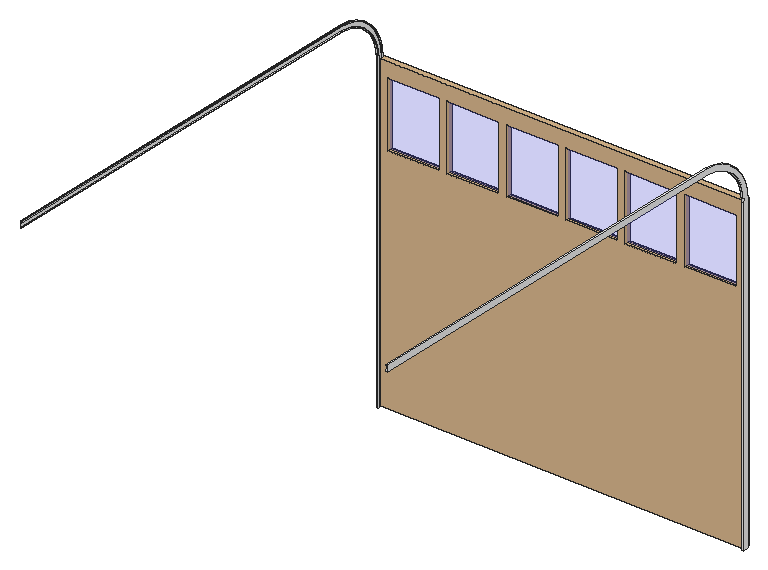
Revit family
Parameters (values of type "7Ft H x 8Ft W")
  Track Width = Width + 0' 2"  # 8' - 2"
  Track Height = Height + 1' 0"  # 8' - 0"
  Track Depth = 10' - 0"
  Track = Metal
  SmartBIM Object Version = 1  # constant formula
  SmartBIM Object Created By = "Reed Construction Data"  # constant formula
  Rough Width = 0' - 0"
  Rough Height = 0' - 0"
  Panel Thickness = 0' - 1 1/2"
  Manufacturer = ""
  Height = 7' - 0"
  Wall Closure = (empty or 0)
  Width = 8' - 0"
  Door Glass = Glass
  Door = Wood
  95 CSI = "08360"  # constant formula
  04 CSI = "08 36 13"  # constant formula
Types (3): name | Track Width | Width
  (no name) | 8' - 2" | 8' - 0"
  7Ft H x 8Ft W | 8' - 2" | 8' - 0"
  7Ft H x 16Ft W | 16' - 2" | 16' - 0"
Reference planes (in)
  plane 1 "Center (Front/Back)": y = 0
  plane 2 "Center (Left/Right)": x = 0
  plane 3 "Left": x = -48
  plane 4 "Right": x = 48
  plane 5 "Top": z = 84
  plane 6: x = -49
  plane 7: x = 49
  plane 8: y = -3.25
  plane 9: z = 81
  plane 10: y = -3.5
  plane 11: y = -3.5
  plane 12 "Ext": y = -4.25
  plane 13: y = -3.5
  plane 14 "Int": y = -2.75
  plane 15: z = 3
  plane 16: y = -3.5
  plane 17: z = 61.5
  plane 18: x = 32
  plane 19: x = 16
  plane 20: x = -32
  plane 21: x = -16
  plane 22: z = 80
  plane 23: x = 33
  plane 24: x = 47
  plane 25: z = 62.5
  plane 26: x = 31
  plane 27: x = 17
  plane 28: x = 15
  plane 29: x = 1
  plane 30: x = -1
  plane 31: x = -15
  plane 32: x = -17
  plane 33: x = -31
  plane 34: x = -33
  plane 35: x = -47
  plane 36: z = 57.5
Forms (in)
  Extrusion 1, solid, material "Wood" <- "Door"
    sketch origin (0, 0, 0) x (1, 0, 0) y (0, 0, 1)
      loop
        line (-49, 84) -> (-49, 0) -> (49, 0) -> (49, 84) -> (-49, 84)
      loop
        line (47, 80) -> (33, 80) -> (33, 62.5) -> (47, 62.5) -> (47, 80)
      loop
        line (31, 62.5) -> (31, 80) -> (17, 80) -> (17, 62.5) -> (31, 62.5)
      loop
        line (15, 62.5) -> (15, 80) -> (1, 80) -> (1, 62.5) -> (15, 62.5)
      loop
        line (-1, 62.5) -> (-1, 80) -> (-15, 80) -> (-15, 62.5) -> (-1, 62.5)
      loop
        line (-17, 62.5) -> (-17, 80) -> (-31, 80) -> (-31, 62.5) -> (-17, 62.5)
      loop
        line (-33, 62.5) -> (-33, 80) -> (-47, 80) -> (-47, 62.5) -> (-33, 62.5)
    from 2.75 to 4.25
  Extrusion 2, solid, material "Glass" <- "Door Glass"
    sketch origin (0, -3.25, 0) x (1, 0, 0) y (0, 0, 1)
      loop
        line (47, 80) -> (33, 80) -> (33, 62.5) -> (47, 62.5) -> (47, 80)
      loop
        line (31, 80) -> (17, 80) -> (17, 62.5) -> (31, 62.5) -> (31, 80)
      loop
        line (15, 80) -> (1, 80) -> (1, 62.5) -> (15, 62.5) -> (15, 80)
      loop
        line (-1, 80) -> (-15, 80) -> (-15, 62.5) -> (-1, 62.5) -> (-1, 80)
      loop
        line (-17, 80) -> (-31, 80) -> (-31, 62.5) -> (-17, 62.5) -> (-17, 80)
      loop
        line (-33, 80) -> (-47, 80) -> (-47, 62.5) -> (-33, 62.5) -> (-33, 80)
    from 0 to 0.5
Lines and regions (in)
  Opening 1
    outline origin (-90, -2.75, 0) x (1, 0, 0) y (0, 0, 1)
      loop
        line (42, 0) -> (138, 0) -> (138, 84) -> (42, 84) -> (42, 0)
  model lines
    curve 1: line (47, -4.25, 57.5) -> (1, -4.25, 57.5)
    curve 2: line (47, -4.25, 3) -> (47, -4.25, 57.5)
    curve 3: line (1, -4.25, 3) -> (47, -4.25, 3)
    curve 4: line (1, -4.25, 57.5) -> (1, -4.25, 3)
    curve 5: line (-1, -4.25, 3) -> (-47, -4.25, 3)
    curve 6: line (-1, -4.25, 57.5) -> (-1, -4.25, 3)
    curve 7: line (-47, -4.25, 57.5) -> (-1, -4.25, 57.5)
    curve 8: line (-47, -4.25, 3) -> (-47, -4.25, 57.5)
    curve 11: line (-1, -4.25, 4.55039) -> (-45.69141, -4.25, 57.5)
    curve 12: line (-2.30859, -4.25, 3) -> (-47, -4.25, 55.94961)
    curve 13: line (45.69141, -4.25, 57.5) -> (1, -4.25, 4.55039)
    curve 14: line (47, -4.25, 55.94961) -> (2.30859, -4.25, 3)
    curve 15: line (45.69141, -2.75, 57.5) -> (1, -2.75, 4.55039)
    curve 16: line (47, -2.75, 55.94961) -> (2.30859, -2.75, 3)
    curve 17: line (-1, -2.75, 4.55039) -> (-45.69141, -2.75, 57.5)
    curve 18: line (-2.30859, -2.75, 3) -> (-47, -2.75, 55.94961)
    curve 19: line (-1, -2.75, 57.5) -> (-1, -2.75, 3)
    curve 20: line (-1, -2.75, 3) -> (-47, -2.75, 3)
    curve 21: line (-47, -2.75, 3) -> (-47, -2.75, 57.5)
    curve 22: line (-47, -2.75, 57.5) -> (-1, -2.75, 57.5)
    curve 23: line (47, -2.75, 57.5) -> (1, -2.75, 57.5)
    curve 24: line (1, -2.75, 57.5) -> (1, -2.75, 3)
    curve 25: line (1, -2.75, 3) -> (47, -2.75, 3)
    curve 26: line (47, -2.75, 3) -> (47, -2.75, 57.5)
  reference lines
    curve 9: line (-1, -4.25, 3) -> (-47, -4.25, 57.5)
    curve 10: line (47, -4.25, 57.5) -> (1, -4.25, 3)
Text (in)
  text "Exterior" at (-74.96733, 27.31104, 0), in view "Ref. Level"
  text "Interior" at (-76.69036, -30.31274, 0), in view "Ref. Level"
  text "Exterior" at (0, 40.15149, 123.01588), in view "Right"
  text "Interior" at (0, -64.39139, 123.01588), in view "Right"
  text "Interior" at (0, -31.01599, 123.00693), in view "Left"
  text "Exterior" at (0, 54.57065, 123.00693), in view "Left"
Dimensions and locks (in)
  equal spacing: plane 3 "Left", plane 2 "Center (Left/Right)", plane 4 "Right"
  "Width": plane 3 "Left" to plane 4 "Right"
  locked: plane 6 to plane 3 "Left" at 1
  locked: plane 4 "Right" to plane 7 at 1
  plane 9 to plane 5 "Top" = 0' - 3"
  host wall to plane 8 to plane 10 = 0' - 0 1/2", 0' - 0 1/4"
  equal spacing: plane 12 "Ext", plane 13, plane 14 "Int"
  "Panel Thickness": plane 14 "Int" to plane 12 "Ext"
  plane 5 "Top" to plane 9 = 0' - 3"
  equal spacing: plane 7, plane 2 "Center (Left/Right)", plane 6
  locked: plane 15 to level at 3
  "Height": plane 5 "Top" to level
  locked: plane 17 to plane 9 at 19.5
  equal spacing: plane 2 "Center (Left/Right)", plane 19, plane 18, plane 4 "Right"
  equal spacing: plane 2 "Center (Left/Right)", plane 21, plane 20, plane 3 "Left"
  locked: plane 24 to plane 4 "Right" at 1
  locked: plane 23 to plane 18 at 1
  locked: plane 18 to plane 26 at 1
  locked: plane 27 to plane 19 at 1
  locked: plane 19 to plane 28 at 1
  locked: plane 29 to plane 2 "Center (Left/Right)" at 1
  locked: plane 2 "Center (Left/Right)" to plane 30 at 1
  locked: plane 21 to plane 31 at 1
  locked: plane 32 to plane 21 at 1
  locked: plane 20 to plane 33 at 1
  locked: plane 34 to plane 20 at 1
  locked: plane 3 "Left" to plane 35 at 1
  locked: plane 22 to plane 9 at 1
  locked: plane 17 to plane 25 at 1
  locked: Extrusion 2 to Extrusion 2 at 0.5
  locked: Extrusion 2 to plane 14 "Int" at 0.5
  locked: plane 36 to plane 17 at 4
  level to plane 15 = 0' - 3"
  locked: curve 11 to curve 9 at 1
  locked: curve 9 to curve 12 at 1
  locked: curve 13 to curve 10 at 1
  locked: curve 10 to curve 14 at 1
  aligned and locked: plane 3 "Left" to Opening 1 sketch curve
  aligned and locked: plane 5 "Top" to Opening 1 sketch curve  (x2)
  aligned and locked: Opening 1 sketch curve to plane 4 "Right"
  aligned and locked: Opening 1 sketch curve to level
  aligned and locked: Extrusion 1 sketch curve to plane 6
  aligned and locked: Extrusion 1 sketch curve to plane 7
  aligned and locked: Extrusion 1 sketch curve to level
  aligned and locked: Extrusion 1 sketch curve to host wall
  aligned and locked: plane 10 to plane 11
  aligned and locked: host wall to plane 14 "Int"
  aligned and locked: plane 11 to plane 13
  aligned and locked: plane 12 "Ext" to Extrusion 1
  aligned and locked: Extrusion 1 to host wall
  aligned and locked: plane 16 to plane 13
  aligned and locked: plane 24 to Extrusion 1 sketch curve
  aligned and locked: plane 22 to Extrusion 1 sketch curve  (x6)
  aligned and locked: plane 25 to Extrusion 1 sketch curve  (x6)
  aligned and locked: Extrusion 1 sketch curve to plane 23
  aligned and locked: plane 26 to Extrusion 1 sketch curve
  aligned and locked: plane 27 to Extrusion 1 sketch curve
  aligned and locked: plane 28 to Extrusion 1 sketch curve
  aligned and locked: plane 29 to Extrusion 1 sketch curve
  aligned and locked: plane 30 to Extrusion 1 sketch curve
  aligned and locked: plane 31 to Extrusion 1 sketch curve
  aligned and locked: plane 32 to Extrusion 1 sketch curve
  aligned and locked: plane 33 to Extrusion 1 sketch curve
  aligned and locked: plane 34 to Extrusion 1 sketch curve
  aligned and locked: Extrusion 1 sketch curve to plane 35
  aligned and locked: plane 36 to curve 1
  aligned and locked: plane 15 to curve 4
  aligned and locked: curve 5 to plane 15
  aligned and locked: plane 36 to curve 8
  aligned and locked: curve 4 to curve 10
  aligned and locked: curve 6 to curve 11
  aligned and locked: curve 5 to curve 12
  aligned and locked: curve 3 to curve 14
  aligned and locked: curve 4 to curve 13
  aligned and locked: curve 7 to curve 11
  aligned and locked: curve 8 to curve 12
  aligned and locked: curve 1 to curve 13
  aligned and locked: curve 2 to curve 14
  aligned and locked: curve 15 to curve 13
  aligned and locked: curve 16 to curve 14
  aligned and locked: curve 17 to curve 11
  aligned and locked: curve 18 to curve 12
  aligned and locked: curve 19 to curve 6
  aligned and locked: curve 20 to curve 5
  aligned and locked: curve 21 to curve 8
  aligned and locked: curve 22 to curve 7
  aligned and locked: curve 23 to curve 1
  aligned and locked: curve 24 to curve 4
  aligned and locked: curve 25 to curve 3
  aligned and locked: curve 26 to curve 2
  aligned and locked: nested 1 to plane 2 "Center (Left/Right)"
  aligned and locked: plane 13 to nested 1
Automatic sketch dimensions
  Extrusion 2 sketch curve to plane 22 = 0' - 0"  (x6)
  Extrusion 2 sketch curve to plane 35 = 0' - 0"
  Extrusion 2 sketch curve to plane 25 = 0' - 0"  (x6)
  Extrusion 2 sketch curve to plane 34 = 0' - 0"
  Extrusion 2 sketch curve to plane 33 = 0' - 0"
  Extrusion 2 sketch curve to plane 32 = 0' - 0"
  Extrusion 2 sketch curve to plane 31 = 0' - 0"
  Extrusion 2 sketch curve to plane 30 = 0' - 0"
  Extrusion 2 sketch curve to plane 29 = 0' - 0"
  Extrusion 2 sketch curve to plane 28 = 0' - 0"
  Extrusion 2 sketch curve to plane 27 = 0' - 0"
  Extrusion 2 sketch curve to plane 26 = 0' - 0"
  Extrusion 2 sketch curve to plane 23 = 0' - 0"
  Extrusion 2 sketch curve to plane 24 = 0' - 0"
  curve 9 to plane 35 = 0' - 0"
  curve 9 to plane 15 = 0' - 0"
  curve 9 to plane 30 = 0' - 0"
  curve 10 to plane 15 = 0' - 0"
  curve 10 to plane 29 = 0' - 0"
  curve 10 to plane 24 = 0' - 0"
  curve 10 to plane 36 = 0' - 0"
  curve 9 to plane 36 = 0' - 0"
  curve 2 to plane 24 = 0' - 0"
  curve 7 to plane 35 = 0' - 0"
  curve 6 to plane 30 = 0' - 0"
Nested families (in)
  nested 1: "Door Track" at (-0.5, -65, 0), Width <- "Track Width", Height <- "Track Height", Depth <- "Track Depth", type "Door Track"
    with Width 8' - 2", Height 8' - 0", Depth 10' - 0"
Definition of nested family "Door Track"
  Parameters
    Width [instance] = 10' - 0"
    Track = Metal
    Height [instance] = 11' - 0"
    Depth [instance] = 8' - 0"
  Reference planes (in)
    plane 1 "Center (Front/Back)": y = 0
    plane 2: z = 0
    plane 3 "Center (Left/Right)": x = 0.5
    plane 4 "Back": y = 48
    plane 5 "Front": y = -48
    plane 6 "Left": x = -59.5
    plane 7 "Right": x = 60.5
    plane 8 "Top": z = 132
    plane 9 "Center (Up/Down)": z = 66
    plane 10: y = 48.75
    plane 11: y = 49.5
  Forms (in)
    Sweep 1, solid, material "Metal" <- "Track"
      path origin (60.5, 60, 48) x (0, 1, 0) y (0, 0, 1)
        loop
          line (-12, -48) -> (-12, 72)
          arc (-12, 72) -> (-15.51472, 80.48528) -> (-24, 84) r 12
          line (-24, 84) -> (-108, 84)
      profile origin (60.5, -6, 132) x (0, 0, -1) y (1, 0, 0)
        loop
          line (-1.5, 0) -> (-1.375, 0) -> (-1.375, 0.375) -> (-0.125, 0.375) -> (-0.125, 0) -> (0, 0) -> (0, 0.5) -> (-1.5, 0.5) -> (-1.5, 0)
    Sweep 2, solid, material "Metal" <- "Track"
      path origin (-59.5, 60, 48) x (0, 1, 0) y (0, 0, 1)
        loop
          line (-12, -48) -> (-12, 72)
          arc (-12, 72) -> (-15.51472, 80.48528) -> (-24, 84) r 12
          line (-24, 84) -> (-108, 84)
      profile origin (-59.5, -6, 132) x (0, 0, -1) y (1, 0, 0)
        loop
          line (-1.5, 0) -> (-1.5, -0.5) -> (0, -0.5) -> (0, 0) -> (-0.125, 0) -> (-0.125, -0.375) -> (-1.375, -0.375) -> (-1.375, 0) -> (-1.5, 0)
  Dimensions and locks (in)
    equal spacing: plane 6 "Left", plane 3 "Center (Left/Right)", plane 7 "Right"
    "Width": plane 6 "Left" to plane 7 "Right"
    equal spacing: plane 4 "Back", plane 1 "Center (Front/Back)", plane 5 "Front"
    "Depth": plane 4 "Back" to plane 5 "Front"
    "Height": plane 8 "Top" to plane 2
    equal spacing: plane 8 "Top", plane 9 "Center (Up/Down)", level
    locked: Sweep 2 sketch curve to Sweep 2 sketch curve at 0.125  (x3)
    locked: Sweep 2 sketch curve to Sweep 2 sketch curve at 0.5  (x2)
    locked: Sweep 2 sketch curve to Sweep 2 sketch curve at 1.5
    locked: Sweep 1 sketch curve to Sweep 1 sketch curve at 0.5  (x2)
    locked: Sweep 1 sketch curve to Sweep 1 sketch curve at 0.125  (x3)
    locked: Sweep 1 sketch curve to Sweep 1 sketch curve at 1.5
    equal spacing: plane 4 "Back", plane 10, plane 11
    locked: plane 10 to plane 11 at 0.75
    radius of Sweep 1 sketch curve = 1' - 0"
    radius of Sweep 2 sketch curve = 1' - 0"
    aligned and locked: plane 8 "Top" to Sweep 1 sketch curve  (x2)
    aligned and locked: plane 5 "Front" to Sweep 1 sketch curve
    aligned and locked: plane 4 "Back" to Sweep 1 sketch curve
    aligned and locked: plane 4 "Back" to Sweep 2 sketch curve
    aligned and locked: plane 5 "Front" to Sweep 2 sketch curve
    aligned and locked: level to Sweep 2 sketch curve
    aligned and locked: Sweep 2 sketch curve to profile plane  (x2)
    aligned and locked: Sweep 1 sketch curve to profile plane
    aligned and locked: plane 11 to Sweep 1
  Automatic sketch dimensions
    Sweep 1 sketch curve to level = 0' - 0"
    Sweep 2 sketch curve to plane 8 "Top" = 0' - 0"
